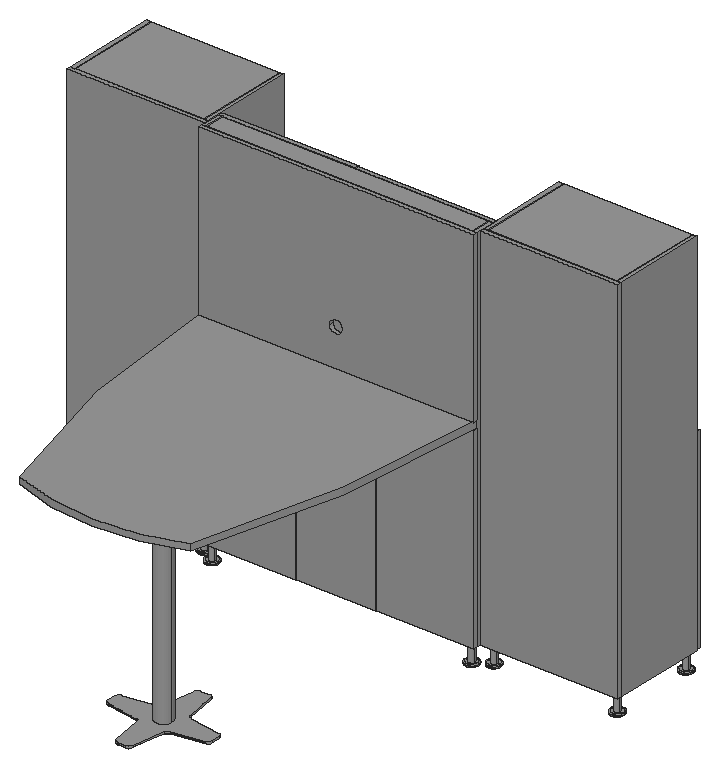
Revit family "MT007", category Furniture, Revit 2015 (continued)
Definition of nested family "JSI-MOTO-Bookcase_Cab-Single"
  Automatic sketch dimensions
    plane 25 "b" to Extrusion 6 sketch curve = 0' - 0"
    plane 9 to Extrusion 6 sketch curve = 0' - 0"
    Extrusion 7 sketch curve to plane 5 = 0' - 0"
    Extrusion 7 sketch curve to plane 28 = 0' - 0"
    Extrusion 7 sketch curve to plane 29 = 0' - 0"
    Extrusion 7 sketch curve to plane 19 = 0' - 0"
    Revolve 8 sketch curve to plane 31 = 0' - 0"  (x2)
    plane 8 to Revolve 8 sketch curve = 0' - 0 1/4"
    Revolve 8 sketch curve to level = 0' - 0"
    plane 31 to Revolve 8 sketch curve = 0' - 0 1/2"
    Revolve 8 sketch curve to Revolve 8 sketch curve = 0' - 0.58218"
    Revolve 8 sketch curve to Revolve 8 sketch curve = 0' - 0.00498"
    Revolve 8 sketch curve to Revolve 8 sketch curve = 0' - 0.09502"
    Revolve 8 sketch curve to Revolve 8 sketch curve = 0' - 0.17998"
    Revolve 8 sketch curve to level = 0' - 0.97"
    Revolve 8 sketch curve to plane 30 = 0' - 1 1/4"
    plane 32 to Revolve 9 sketch curve = 0' - 0"  (x2)
    plane 8 to Revolve 9 sketch curve = 0' - 0 1/4"
    Revolve 9 sketch curve to plane 25 "b" = 0' - 0"
    Revolve 9 sketch curve to level = 0' - 0"
    Revolve 9 sketch curve to plane 29 = 0' - 0.07782"
    Revolve 9 sketch curve to plane 29 = 0' - 0.07284"
    plane 29 to Revolve 9 sketch curve = 0' - 0.02218"
    Revolve 9 sketch curve to Revolve 9 sketch curve = 0' - 0.17998"
    Revolve 9 sketch curve to Revolve 9 sketch curve = 0' - 1"
    Revolve 9 sketch curve to plane 30 = 0' - 1.41"
    Revolve 10 sketch curve to plane 31 = 0' - 0"  (x2)
    plane 8 to Revolve 10 sketch curve = 0' - 0 1/4"
    Revolve 10 sketch curve to level = 0' - 0"
    plane 31 to Revolve 10 sketch curve = 0' - 0 1/2"
    Revolve 10 sketch curve to Revolve 10 sketch curve = 0' - 0.58218"
    Revolve 10 sketch curve to Revolve 10 sketch curve = 0' - 0.00498"
    Revolve 10 sketch curve to Revolve 10 sketch curve = 0' - 0.09502"
    Revolve 10 sketch curve to Revolve 10 sketch curve = 0' - 0.17998"
    Revolve 10 sketch curve to level = 0' - 0.97"
    Revolve 10 sketch curve to plane 30 = 0' - 1 1/4"
    plane 32 to Revolve 11 sketch curve = 0' - 0"  (x2)
    plane 8 to Revolve 11 sketch curve = 0' - 0 1/4"
    Revolve 11 sketch curve to plane 25 "b" = 0' - 0"
    Revolve 11 sketch curve to level = 0' - 0"
    Revolve 11 sketch curve to plane 29 = 0' - 0.07782"
    Revolve 11 sketch curve to plane 29 = 0' - 0.07284"
    plane 29 to Revolve 11 sketch curve = 0' - 0.02218"
    Revolve 11 sketch curve to Revolve 11 sketch curve = 0' - 0.17998"
    Revolve 11 sketch curve to Revolve 11 sketch curve = 0' - 1"
    Revolve 11 sketch curve to plane 30 = 0' - 1.41"
    Extrusion 12 sketch curve to plane 31 = 0' - 0 1/2"
    Extrusion 12 sketch curve to plane 32 = 0' - 0 1/2"
    plane 1 "Center Front/Back" to Extrusion 12 sketch curve = 1' - 5 1/4"
    Extrusion 12 sketch curve to Extrusion 12 sketch curve = 1' - 4 1/2"
    plane 26 "aa" to Extrusion 13 sketch curve = 0' - 0"
    Extrusion 13 sketch curve to plane 25 "b" = 0' - 0"
    plane 1 "Center Front/Back" to Extrusion 13 sketch curve = 1' - 5 1/4"
    Extrusion 13 sketch curve to Extrusion 13 sketch curve = 1' - 4 1/2"
    Extrusion 14 sketch curve to plane 26 "aa" = 0' - 0"
    Extrusion 14 sketch curve to plane 25 "b" = 0' - 0"
    plane 1 "Center Front/Back" to Extrusion 14 sketch curve = 1' - 5 1/4"
    Extrusion 14 sketch curve to Extrusion 14 sketch curve = 1' - 4 1/2"
    curve 2 to plane 5 = 0' - 0"
    curve 2 to plane 28 = 0' - 0"
    curve 7 to plane 29 = 0' - 0"
    curve 5 to plane 19 = 0' - 0"
  Nested families (in)
    nested 1: "Leg Support" at (-22.75, -1.5, 0), type "Support"
    nested 2: "Leg Support" at (-1.25, -1.5, 0) x (-1, 0, 0) z (0, 0, 1), type "Support"
    nested 3: "Door line" at (0, -18, 0), type <- "Door line", type "Left"
      with Right no, Left yes
  Definition of nested family "Leg Support"
    Parameters
      URL = ""
      Type Comments = ""
      Series = ""
      Model = ""
      Manufacturer = ""
      Legs = none
      Keynote = ""
      Description = ""
      Assembly Code = ""
    Reference planes (in)
      plane 1 "Center Front/Back": y = 0
      plane 2: z = 0
      plane 3 "Center Left/Right": x = 0
      plane 4: z = 0
    Forms (in)
      Extrusion 1, solid, material <- "Legs"
        sketch origin (-24, 47.37394, 0) x (1, 0, 0) y (0, 1, 0)
          loop
            line (26.87691, -48.14263) -> (24.38709, -46.70513)
            arc (24.38709, -46.70513) -> (23.63709, -46.70513) -> (23.26209, -47.35465) r 0.75
            line (23.26209, -47.35465) -> (23.26209, -50.22965)
            arc (23.26209, -50.22965) -> (23.37192, -50.49481) -> (23.63709, -50.60465) r 0.375
            line (23.63709, -50.60465) -> (25.67197, -50.60465)
            arc (25.67197, -50.60465) -> (25.85947, -50.55441) -> (25.99673, -50.41715) r 0.375
            line (25.99673, -50.41715) -> (27.01417, -48.65489)
            arc (27.01417, -48.65489) -> (27.05163, -48.37033) -> (26.87691, -48.14263) r 0.375
          loop
            line (24.38709, -63.25417) -> (26.87691, -61.81667)
            arc (26.87691, -61.81667) -> (27.05163, -61.58897) -> (27.01417, -61.30441) r 0.375
            line (27.01417, -61.30441) -> (25.99673, -59.54215)
            arc (25.99673, -59.54215) -> (25.85947, -59.40489) -> (25.67197, -59.35465) r 0.375
            line (25.67197, -59.35465) -> (23.63709, -59.35465)
            arc (23.63709, -59.35465) -> (23.37192, -59.46448) -> (23.26209, -59.72965) r 0.375
            line (23.26209, -59.72965) -> (23.26209, -62.60465)
            arc (23.26209, -62.60465) -> (23.63709, -63.25417) -> (24.38709, -63.25417) r 0.75
        from 3 to 3.25
    Dimensions and locks (in)
      aligned and locked: level to plane 2
  Definition of nested family "Door line"
    Parameters
      Right = yes
      Left = no
    Reference planes (in)
      plane 1 "Center (Front/Back)": y = 0
      plane 2: z = 0
      plane 3 "Center (Left/Right)": x = 0
    Lines and regions (in)
      detail lines, in view "Ref. Level", visible <- "Right", detail levels medium+fine
        curve 1: line (24, 0, 0) -> (0.81778, -6.21166, 0)
        curve 2: arc (0, 0, 0) -> (0.20532, -3.13263, 0) -> (0.81778, -6.21166, 0) r 24
      detail lines, in view "Ref. Level", visible <- "Left", detail levels medium+fine
        curve 3: line (-24, 0, 0) -> (-0.81778, -6.21166, 0)
        curve 4: arc (0, 0, 0) -> (-0.20532, -3.13263, 0) -> (-0.81778, -6.21166, 0) r 24
